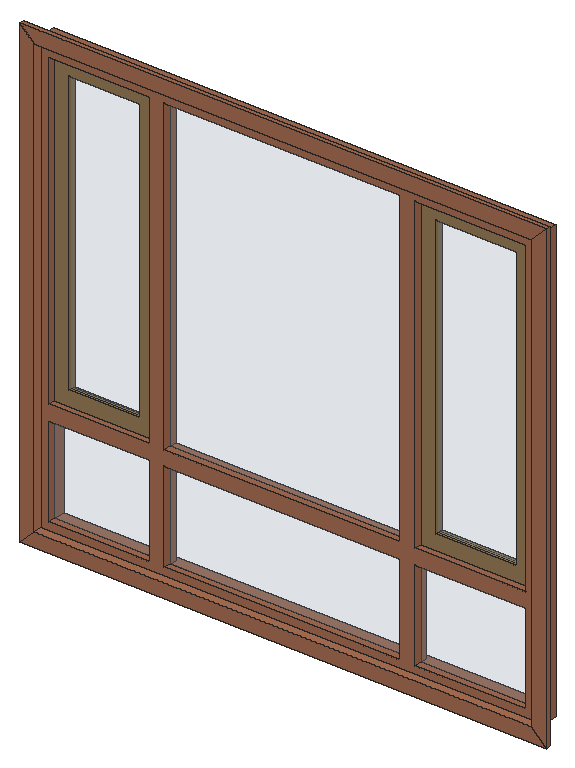
Revit family "GNW_A3-AU-Casement-01-In-trim-3-2", category Windows, host Wall, Revit 2016
Family settings
  Host = Wall
  Always vertical = Yes
  Cut with Voids When Loaded = No
  Shared = No
  Room Calculation Point = No
Parameters (values of type "2050x1800 Casement")
  Rebate depth = 10 mm
  Height = Depth  # 1800 mm
  Frame width = 90 mm
  Depth = 1800 mm
  Frame thickness = 40 mm
  Head height = 2100 mm
  Default Sill Height = Head height - Depth  # 300 mm
  Trim thickness = 20 mm
  Wall Closure = By host
  Width = 2050 mm
Types (9, lengths in mm): name | Height | Frame width | Depth | Default Sill Height | Width
  (no name) | 1800 | 90 | 1800 | 300 | 2050
  2770x1800 Casement | 1800 | 90 | 1800 | 300 | 2770
  2770x2100 Casement | 2100 | 90 | 2100 | 0 | 2770
  2410x1800 Casement | 1800 | 120 | 1800 | 300 | 2410
  2410x2100 Casement | 2100 | 90 | 2100 | 0 | 2410
  2050x1800 Casement | 1800 | 90 | 1800 | 300 | 2050
  2050x2100 Casement | 2100 | 90 | 2100 | 0 | 2050
  1810x1800 Casement | 1800 | 90 | 1800 | 300 | 1810
  1810x2100 Casement | 2100 | 90 | 2100 | 0 | 1810
Reference planes
  plane 1 "Centre": y = 0
  plane 2 "Center": x = -5.115
  plane 3 "Left": x = -1030.115
  plane 4 "Right": x = 1019.885
  plane 5 "Sill": z = 300
  plane 6 "Head": z = 2100
  plane 7 "Exterior": y = 100
  plane 8 "Interior": y = -100
  plane 9 "Sash interior": y = -70
  plane 10 "Sash exterior": y = -40
  plane 11 "Frame exterior": y = -10
  plane 12: x = -990.115
  plane 13: x = 979.885
  plane 14: z = 2060
  plane 15: x = 507.385
  plane 16: x = -517.615
  plane 17: z = 1200
  plane 18 "Trim interior": y = -120
  plane 19 "Frame centre": y = -55
  plane 20: x = -557.615
  plane 21: x = -537.615
  plane 22: x = 467.385
  plane 23: x = 487.385
  plane 24: x = -980.115
  plane 25: z = 750
  plane 26: z = 1650
  plane 27: z = 770
  plane 28: z = 730
  plane 29: z = 1425
Forms (mm)
  Sweep 1, solid, material "Frame/Mullion"
    path in 3D
      loop
        line (1019.885, -100, 2100) -> (1019.885, -100, 300) -> (-1030.115, -100, 300) -> (-1030.115, -100, 2100) -> (1019.885, -100, 2100)
    profile origin (-5.115, 0, 2100) x (0, -1, 0) y (0, 0, -1)
      loop
        line (100, 0) -> (100, 50) -> (70, 50) -> (70, 40) -> (10, 40) -> (10, 0) -> (100, 0)
  Sweep 2, solid, material "Frame/Mullion"
    path origin (0, -100, 0) x (1, 0, 0) y (0, 0, 1)
      loop
        line (-537.615, 2050) -> (-537.615, 350)
    profile origin (0, -100, 1200) x (0, -1, 0) y (1, 0, 0)
      loop
        line (-30, -567.615) -> (0, -567.615) -> (0, -507.615) -> (-30, -507.615) -> (-30, -567.615)
  Sweep 3, solid, material "Frame/Mullion"
    path origin (0, -100, 0) x (1, 0, 0) y (0, 0, 1)
      loop
        line (487.385, 2050) -> (487.385, 350)
    profile origin (0, -100, 1200) x (0, -1, 0) y (1, 0, 0)
      loop
        line (-30, 457.385) -> (0, 457.385) -> (0, 517.385) -> (-30, 517.385) -> (-30, 457.385)
  Sweep 4, solid, material "Frame/Mullion"
    path origin (0, -70, 0) x (1, 0, 0) y (0, 0, 1)
      loop
        line (487.385, 2060) -> (487.385, 340)
    profile origin (0, -70, 1200) x (0, -1, 0) y (1, 0, 0)
      loop
        line (-40, 467.385) -> (0, 467.385) -> (0, 507.385) -> (-40, 507.385) -> (-40, 467.385)
  Sweep 5, solid, material "Frame/Mullion"
    path origin (0, -70, 0) x (1, 0, 0) y (0, 0, 1)
      loop
        line (-537.615, 2060) -> (-537.615, 340)
    profile origin (0, -70, 1200) x (0, -1, 0) y (1, 0, 0)
      loop
        line (-40, -557.615) -> (0, -557.615) -> (0, -517.615) -> (-40, -517.615) -> (-40, -557.615)
  Sweep 6, solid, material "Trim"
    path in 3D
      loop
        line (1019.885, -100, 2100) -> (1019.885, -100, 300) -> (-1030.115, -100, 300) -> (-1030.115, -100, 2100) -> (1019.885, -100, 2100)
    profile origin (-5.115, 0, 2100) x (0, -1, 0) y (0, 0, -1)
      loop
        line (120, -50) -> (120, 8.453) -> (100, 20) -> (100, -50) -> (120, -50)
  Sweep 7, solid, material "Frame/Mullion"
    path origin (0, -100, 0) x (1, 0, 0) y (0, 0, 1)
      loop
        line (969.885, 750) -> (517.385, 750)
    profile origin (743.635, -100, 0) x (0, 0, -1) y (0, -1, 0)
      loop
        line (-780, 0) -> (-780, -30) -> (-720, -30) -> (-720, 0) -> (-780, 0)
  Sweep 8, solid, material "Frame/Mullion"
    path origin (0, -100, 0) x (1, 0, 0) y (0, 0, 1)
      loop
        line (979.885, 750) -> (507.385, 750)
    profile origin (743.635, -100, 0) x (0, 0, -1) y (0, -1, 0)
      loop
        line (-770, -30) -> (-770, -70) -> (-730, -70) -> (-730, -30) -> (-770, -30)
  Sweep 9, solid, material "Frame/Mullion"
    path origin (0, -100, 0) x (1, 0, 0) y (0, 0, 1)
      loop
        line (457.385, 750) -> (-507.615, 750)
    profile origin (-25.115, -100, 0) x (0, 0, -1) y (0, -1, 0)
      loop
        line (-780, 0) -> (-780, -30) -> (-720, -30) -> (-720, 0) -> (-780, 0)
  Sweep 10, solid, material "Frame/Mullion"
    path origin (0, -100, 0) x (1, 0, 0) y (0, 0, 1)
      loop
        line (467.385, 750) -> (-517.615, 750)
    profile origin (-25.115, -100, 0) x (0, 0, -1) y (0, -1, 0)
      loop
        line (-770, -30) -> (-770, -70) -> (-730, -70) -> (-730, -30) -> (-770, -30)
  Sweep 11, solid, material "Frame/Mullion"
    path origin (0, -100, 0) x (1, 0, 0) y (0, 0, 1)
      loop
        line (-567.615, 750) -> (-980.115, 750)
    profile origin (-773.865, -100, 0) x (0, 0, -1) y (0, -1, 0)
      loop
        line (-780, 0) -> (-780, -30) -> (-720, -30) -> (-720, 0) -> (-780, 0)
  Sweep 12, solid, material "Frame/Mullion"
    path origin (0, -70, 0) x (1, 0, 0) y (0, 0, 1)
      loop
        line (-557.615, 750) -> (-990.115, 750)
    profile origin (-773.865, -70, 0) x (0, 0, -1) y (0, -1, 0)
      loop
        line (-770, 0) -> (-770, -40) -> (-730, -40) -> (-730, 0) -> (-770, 0)
  Extrusion 13, solid, material "Sash"
    sketch origin (0, -70, 0) x (1, 0, 0) y (0, 0, 1)
      loop
        line (979.885, 2060) -> (507.385, 2060) -> (507.385, 770) -> (979.885, 770) -> (979.885, 2060)
      loop
        line (909.885, 1990) -> (577.385, 1990) -> (577.385, 840) -> (909.885, 840) -> (909.885, 1990)
    from 0 to -30
  Extrusion 14, solid, material "Sash"
    sketch origin (0, -70, 0) x (1, 0, 0) y (0, 0, 1)
      loop
        line (-557.615, 2060) -> (-990.115, 2060) -> (-990.115, 770) -> (-557.615, 770) -> (-557.615, 2060)
      loop
        line (-629.413, 1990) -> (-920.115, 1990) -> (-920.115, 840) -> (-629.413, 840) -> (-629.413, 1990)
    from 0 to -30
  Extrusion 15, solid, material "Glass"
    sketch origin (0, -70, 0) x (1, 0, 0) y (0, 0, 1)
      loop
        line (909.885, 1990) -> (577.385, 1990) -> (577.385, 840) -> (909.885, 840) -> (909.885, 1990)
    from -20 to -10
  Extrusion 16, solid, material "Glass"
    sketch origin (0, -70, 0) x (1, 0, 0) y (0, 0, 1)
      loop
        line (-629.413, 1990) -> (-920.115, 1990) -> (-920.115, 840) -> (-629.413, 840) -> (-629.413, 1990)
    from -20 to -10
  Extrusion 17, solid, material "Glass"
    sketch origin (0, -70, 0) x (1, 0, 0) y (0, 0, 1)
      loop
        line (467.385, 2060) -> (-517.615, 2060) -> (-517.615, 770) -> (467.385, 770) -> (467.385, 2060)
    from -10 to 0
  Extrusion 18, solid, material "Glass"
    sketch origin (0, -70, 0) x (1, 0, 0) y (0, 0, 1)
      loop
        line (979.885, 730) -> (507.385, 730) -> (507.385, 340) -> (979.885, 340) -> (979.885, 730)
    from -10 to 0
  Extrusion 19, solid, material "Glass"
    sketch origin (0, -70, 0) x (1, 0, 0) y (0, 0, 1)
      loop
        line (467.385, 730) -> (-517.615, 730) -> (-517.615, 340) -> (467.385, 340) -> (467.385, 730)
    from -10 to 0
  Extrusion 20, solid, material "Glass"
    sketch origin (0, -70, 0) x (1, 0, 0) y (0, 0, 1)
      loop
        line (-557.615, 730) -> (-990.115, 730) -> (-990.115, 340) -> (-557.615, 340) -> (-557.615, 730)
    from -10 to 0
Cuts and joins
  joined: Sweep 1, Sweep 2, Sweep 3, Sweep 4, Sweep 5, Sweep 7, Sweep 8, Sweep 9, Sweep 10, Sweep 11, Sweep 12
Lines and regions (mm)
  Opening 1
    outline origin (3500, -100, 0) x (1, 0, 0) y (0, 0, 1)
      loop
        line (-2480.115, 300) -> (-2480.115, 2100) -> (-4530.115, 2100) -> (-4530.115, 300) -> (-2480.115, 300)
  sketch lines
    curve 1: line (-1030.115, -100, 2100) -> (1019.885, -100, 2100)
    curve 2: line (-1030.115, -100, 300) -> (-1030.115, -100, 2100)
    curve 3: line (1019.885, -100, 2100) -> (1019.885, -100, 300)
    curve 4: line (1019.885, -100, 300) -> (-1030.115, -100, 300)
    curve 5: line (-1030.115, -100, 2100) -> (1019.885, -100, 2100)
    curve 6: line (-1030.115, -100, 300) -> (-1030.115, -100, 2100)
    curve 7: line (1019.885, -100, 2100) -> (1019.885, -100, 300)
    curve 8: line (1019.885, -100, 300) -> (-1030.115, -100, 300)
  symbolic lines, style "WindowsFrameMullionProjection"
    curve 9: line (-1030.115, -10, 0) -> (1019.885, -10, 0)
    curve 10: line (-1030.115, -100, 0) -> (1019.885, -100, 0)
    curve 11: line (-990.115, -10, 0) -> (-990.115, -70, 0)
    curve 12: line (-990.115, -70, 0) -> (-980.115, -70, 0)
    curve 13: line (-980.115, -70, 0) -> (-980.115, -100, 0)
    curve 26: line (979.885, -10, 0) -> (979.885, -70, 0)
    curve 27: line (979.885, -70, 0) -> (969.885, -70, 0)
    curve 28: line (969.885, -70, 0) -> (969.885, -100, 0)
    curve 29: line (457.385, -100, 0) -> (457.385, -70, 0)
    curve 30: line (457.385, -70, 0) -> (467.385, -70, 0)
    curve 31: line (467.385, -70, 0) -> (467.385, -30, 0)
    curve 32: line (467.385, -30, 0) -> (507.385, -30, 0)
    curve 33: line (507.385, -30, 0) -> (507.385, -70, 0)
    curve 34: line (507.385, -70, 0) -> (517.385, -70, 0)
    curve 35: line (517.385, -70, 0) -> (517.385, -100, 0)
    curve 37: line (-567.615, -100, 0) -> (-567.615, -70, 0)
    curve 38: line (-557.615, -70, 0) -> (-557.615, -30, 0)
    curve 39: line (-557.615, -30, 0) -> (-517.615, -30, 0)
    curve 40: line (-517.615, -30, 0) -> (-517.615, -71, 0)
    curve 41: line (-517.615, -71, 0) -> (-507.615, -71, 0)
    curve 42: line (-507.615, -71, 0) -> (-507.615, -100, 0)
    curve 43: line (-567.615, -70, 0) -> (-557.615, -70, 0)
    curve 46: line (-1030.115, -10, 0) -> (-1030.115, -100, 0)
    curve 47: line (1019.885, -10, 0) -> (1019.885, -100, 0)
  symbolic lines, style "Sash"
    curve 14: line (-990.115, -40, 0) -> (-920.115, -40, 0)
    curve 15: line (-920.115, -40, 0) -> (-920.115, -70, 0)
    curve 16: line (-920.115, -70, 0) -> (-980.115, -70, 0)
    curve 17: line (-567.615, -70, 0) -> (-627.615, -70, 0)
    curve 18: line (-627.615, -70, 0) -> (-627.615, -40, 0)
    curve 19: line (-627.615, -40, 0) -> (-557.615, -40, 0)
    curve 20: line (507.385, -40, 0) -> (577.385, -40, 0)
    curve 21: line (577.385, -40, 0) -> (577.385, -70, 0)
    curve 22: line (577.385, -70, 0) -> (517.385, -70, 0)
    curve 23: line (979.885, -40, 0) -> (909.885, -40, 0)
    curve 24: line (909.885, -40, 0) -> (909.885, -70, 0)
    curve 25: line (909.885, -70, 0) -> (969.885, -70, 0)
  symbolic lines, style "WindowsGlassProjection"
    curve 36: line (577.385, -55, 0) -> (909.885, -55, 0)
    curve 44: line (-920.115, -55, 0) -> (-627.615, -55, 0)
    curve 45: line (-517.615, -65.5, 0) -> (467.385, -65.5, 0)
  symbolic lines, style "Elevation Swing"
    curve 48: line (-990.115, -40, 0) -> (-615.559, 176.25, 0)
    curve 49: arc (-557.615, -40, 0) -> (-572.352, 71.939, 0) -> (-615.559, 176.25, 0) r 432.5
    curve 50: line (979.885, -40, 0) -> (570.688, 196.25, 0)
    curve 51: arc (507.385, -40, 0) -> (523.485, 82.292, 0) -> (570.688, 196.25, 0) r 472.5
    curve 52: line (979.885, 0, 2060) -> (507.385, 0, 1425)
    curve 53: line (507.385, 0, 1425) -> (979.885, 0, 770)
    curve 54: line (-557.615, 0, 1425) -> (-990.115, 0, 2060)
    curve 55: line (-990.115, 0, 770) -> (-557.615, 0, 1425)
  symbolic lines, style "WindowsSillHeadProjection"
    curve 56: line (-1030.115, 100, 0) -> (1019.885, 100, 0)
Text (mm)
  text "EXTERIOR" at (-1299.914, 574.308, 0), in view "Ref. Level"
  text "INTERIOR" at (-1299.914, -389.493, 0), in view "Ref. Level"
  text "Exterior" at (0, 923.751, 2943.296), in view "Right"
  text "Exterior" at (0, 1040.484, 2685.409), in view "Left"
Dimensions and locks
  equal spacing: plane 3 "Left", plane 16, plane 2 "Center", plane 15, plane 4 "Right"
  "Width": plane 3 "Left" to plane 4 "Right"
  "Depth": plane 5 "Sill" to plane 6 "Head"
  plane 5 "Sill" to level = 300 mm
  locked: host wall to plane 7 "Exterior" at 0
  locked: host wall to plane 8 "Interior"
  "Frame thickness": plane 3 "Left" to plane 12
  "Frame thickness": plane 13 to plane 4 "Right"
  "Frame thickness": plane 6 "Head" to plane 14
  "Head height": host wall to plane 6 "Head"
  equal spacing: plane 5 "Sill", plane 25, plane 17, plane 26, plane 6 "Head"
  "Trim thickness": plane 18 "Trim interior" to plane 8 "Interior"
  "Frame width": plane 8 "Interior" to plane 11 "Frame exterior"
  equal spacing: plane 8 "Interior", plane 19 "Frame centre", plane 11 "Frame exterior"
  plane 9 "Sash interior" to plane 19 "Frame centre" to plane 10 "Sash exterior" = 15 mm locked, 15 mm locked
  equal spacing: plane 20, plane 21, plane 16
  equal spacing: plane 22, plane 23, plane 15
  "Frame thickness": plane 20 to plane 16
  "Frame thickness": plane 22 to plane 15
  "Rebate depth": plane 12 to plane 24
  "Rebate depth": Sweep 1 sketch curve to plane 14
  "Rebate depth": Sweep 3 sketch curve to plane 22
  "Rebate depth": plane 15 to Sweep 3 sketch curve
  "Rebate depth": Sweep 2 sketch curve to plane 20
  "Rebate depth": plane 16 to Sweep 2 sketch curve
  equal spacing: plane 14, Sweep 6 sketch curve, plane 6 "Head"
  locked: Sweep 6 sketch curve to Sweep 6 sketch curve at 70
  "Rebate depth": plane 10 "Sash exterior" to Sweep 4 sketch curve
  "Rebate depth": plane 10 "Sash exterior" to Sweep 5 sketch curve
  equal spacing: plane 28, plane 25, plane 27
  "Frame thickness": plane 28 to plane 27
  "Rebate depth": plane 27 to Sweep 7 sketch curve
  "Rebate depth": plane 28 to Sweep 7 sketch curve
  locked: Extrusion 13 sketch curve to plane 13 at 70
  locked: Extrusion 13 sketch curve to plane 15 at 70
  locked: Extrusion 13 sketch curve to plane 14 at 70
  locked: plane 27 to Extrusion 13 sketch curve at 70
  "Rebate depth": plane 10 "Sash exterior" to Sweep 8 sketch curve
  "Rebate depth": plane 10 "Sash exterior" to Sweep 10 sketch curve
  "Rebate depth": plane 10 "Sash exterior" to Sweep 12 sketch curve
  locked: Extrusion 14 sketch curve to plane 20 at 71.798
  locked: plane 12 to Extrusion 14 sketch curve at 70
  locked: Extrusion 14 sketch curve to plane 14 at 70
  locked: plane 27 to Extrusion 14 sketch curve at 70
  equal spacing: plane 17, plane 29, plane 26
  locked: Extrusion 14 to curve 48 (angle 30.00°)
  locked: curve 50 to Extrusion 13 (angle 30.00°)
  aligned and locked: plane 6 "Head" to Sweep 1 sketch curve
  aligned and locked: Sweep 1 sketch curve to host wall
  aligned and locked: plane 9 "Sash interior" to Sweep 1 sketch curve
  aligned and locked: Sweep 2 sketch curve to Sweep 1
  aligned and locked: plane 21 to Sweep 2 sketch curve
  aligned and locked: Sweep 2 sketch curve to plane 9 "Sash interior"
  aligned and locked: plane 8 "Interior" to Sweep 2 sketch curve
  aligned and locked: Sweep 3 sketch curve to Sweep 1
  aligned and locked: plane 23 to Sweep 3 sketch curve
  aligned and locked: Sweep 3 sketch curve to plane 9 "Sash interior"
  aligned and locked: plane 8 "Interior" to Sweep 3 sketch curve
  aligned and locked: plane 14 to Sweep 4 sketch curve
  aligned and locked: plane 23 to Sweep 4 sketch curve
  aligned and locked: Sweep 3 to Sweep 4 sketch curve
  aligned and locked: Sweep 4 sketch curve to plane 15
  aligned and locked: plane 20 to Sweep 5 sketch curve
  aligned and locked: plane 9 "Sash interior" to Sweep 5 sketch curve
  aligned and locked: Sweep 5 sketch curve to plane 16
  aligned and locked: plane 21 to Sweep 5 sketch curve
  aligned and locked: host wall to Sweep 6 sketch curve
  aligned and locked: Sweep 6 sketch curve to plane 18 "Trim interior"
  aligned and locked: plane 11 "Frame exterior" to Sweep 1 sketch curve
  aligned and locked: host wall to curve 10
  aligned and locked: curve 46 to cut or joined group of Sweep 1, Sweep 2, Sweep 3, Sweep 4, Sweep 5, Sweep 7, Sweep 8, Sweep 9, Sweep 10, Sweep 11, Sweep 12
  aligned and locked: curve 47 to cut or joined group of Sweep 1, Sweep 2, Sweep 3, Sweep 4, Sweep 5, Sweep 7, Sweep 8, Sweep 9, Sweep 10, Sweep 11, Sweep 12
  aligned and locked: Sweep 7 sketch curve to cut or joined group of Sweep 1, Sweep 2, Sweep 3, Sweep 4, Sweep 5, Sweep 7, Sweep 8, Sweep 9, Sweep 10, Sweep 11, Sweep 12
  aligned and locked: Sweep 7 sketch curve to plane 25
  aligned and locked: host wall to Sweep 7 sketch curve
  aligned and locked: Sweep 7 sketch curve to plane 9 "Sash interior"
  aligned and locked: plane 13 to Sweep 8 sketch curve
  aligned and locked: Sweep 8 sketch curve to plane 25
  aligned and locked: plane 9 "Sash interior" to Sweep 8 sketch curve
  aligned and locked: Sweep 8 sketch curve to plane 27
  aligned and locked: plane 28 to Sweep 8 sketch curve
  aligned and locked: Sweep 9 sketch curve to cut or joined group of Sweep 1, Sweep 2, Sweep 3, Sweep 4, Sweep 5, Sweep 7, Sweep 8, Sweep 9, Sweep 10, Sweep 11, Sweep 12  (x3)
  aligned and locked: Sweep 9 sketch curve to plane 25
  aligned and locked: host wall to Sweep 9 sketch curve
  aligned and locked: Sweep 9 sketch curve to plane 9 "Sash interior"
  aligned and locked: plane 22 to Sweep 10 sketch curve
  aligned and locked: Sweep 10 sketch curve to plane 25
  aligned and locked: plane 9 "Sash interior" to Sweep 10 sketch curve
  aligned and locked: Sweep 10 sketch curve to plane 27
  aligned and locked: plane 28 to Sweep 10 sketch curve
  aligned and locked: Sweep 11 sketch curve to cut or joined group of Sweep 1, Sweep 2, Sweep 3, Sweep 4, Sweep 5, Sweep 7, Sweep 8, Sweep 9, Sweep 10, Sweep 11, Sweep 12  (x3)
  aligned and locked: Sweep 11 sketch curve to plane 25
  aligned and locked: host wall to Sweep 11 sketch curve
  aligned and locked: Sweep 11 sketch curve to plane 9 "Sash interior"
  aligned and locked: plane 20 to Sweep 12 sketch curve
  aligned and locked: Sweep 12 sketch curve to plane 25
  aligned and locked: plane 9 "Sash interior" to Sweep 12 sketch curve
  aligned and locked: Sweep 12 sketch curve to plane 27
  aligned and locked: plane 28 to Sweep 12 sketch curve
  aligned and locked: cut or joined group of Sweep 1, Sweep 2, Sweep 3, Sweep 4, Sweep 5, Sweep 7, Sweep 8, Sweep 9, Sweep 10, Sweep 11, Sweep 12 to Extrusion 13 sketch curve  (x2)
  aligned and locked: Extrusion 13 sketch curve to cut or joined group of Sweep 1, Sweep 2, Sweep 3, Sweep 4, Sweep 5, Sweep 7, Sweep 8, Sweep 9, Sweep 10, Sweep 11, Sweep 12  (x2)
  aligned and locked: Extrusion 14 sketch curve to cut or joined group of Sweep 1, Sweep 2, Sweep 3, Sweep 4, Sweep 5, Sweep 7, Sweep 8, Sweep 9, Sweep 10, Sweep 11, Sweep 12  (x3)
  aligned and locked: cut or joined group of Sweep 1, Sweep 2, Sweep 3, Sweep 4, Sweep 5, Sweep 7, Sweep 8, Sweep 9, Sweep 10, Sweep 11, Sweep 12 to Extrusion 14 sketch curve
  aligned and locked: Extrusion 13 to Extrusion 15 sketch curve
  aligned and locked: Extrusion 15 sketch curve to Extrusion 13  (x3)
  aligned and locked: Extrusion 14 to Extrusion 16 sketch curve
  aligned and locked: Extrusion 16 sketch curve to Extrusion 14  (x3)
  aligned and locked: Extrusion 17 sketch curve to cut or joined group of Sweep 1, Sweep 2, Sweep 3, Sweep 4, Sweep 5, Sweep 7, Sweep 8, Sweep 9, Sweep 10, Sweep 11, Sweep 12  (x3)
  aligned and locked: cut or joined group of Sweep 1, Sweep 2, Sweep 3, Sweep 4, Sweep 5, Sweep 7, Sweep 8, Sweep 9, Sweep 10, Sweep 11, Sweep 12 to Extrusion 17 sketch curve
  aligned and locked: Extrusion 18 sketch curve to cut or joined group of Sweep 1, Sweep 2, Sweep 3, Sweep 4, Sweep 5, Sweep 7, Sweep 8, Sweep 9, Sweep 10, Sweep 11, Sweep 12  (x3)
  aligned and locked: cut or joined group of Sweep 1, Sweep 2, Sweep 3, Sweep 4, Sweep 5, Sweep 7, Sweep 8, Sweep 9, Sweep 10, Sweep 11, Sweep 12 to Extrusion 18 sketch curve
  aligned and locked: cut or joined group of Sweep 1, Sweep 2, Sweep 3, Sweep 4, Sweep 5, Sweep 7, Sweep 8, Sweep 9, Sweep 10, Sweep 11, Sweep 12 to Extrusion 19 sketch curve  (x2)
  aligned and locked: Extrusion 19 sketch curve to cut or joined group of Sweep 1, Sweep 2, Sweep 3, Sweep 4, Sweep 5, Sweep 7, Sweep 8, Sweep 9, Sweep 10, Sweep 11, Sweep 12  (x2)
  aligned and locked: cut or joined group of Sweep 1, Sweep 2, Sweep 3, Sweep 4, Sweep 5, Sweep 7, Sweep 8, Sweep 9, Sweep 10, Sweep 11, Sweep 12 to Extrusion 20 sketch curve
  aligned and locked: Extrusion 20 sketch curve to cut or joined group of Sweep 1, Sweep 2, Sweep 3, Sweep 4, Sweep 5, Sweep 7, Sweep 8, Sweep 9, Sweep 10, Sweep 11, Sweep 12  (x3)
  aligned and locked: plane 13 to curve 52
  aligned and locked: plane 29 to curve 52
  aligned and locked: plane 27 to curve 53
  aligned and locked: plane 29 to curve 54
  aligned and locked: plane 12 to curve 54
  aligned and locked: plane 27 to curve 55
Automatic sketch dimensions
  Opening 1 sketch curve to plane 3 "Left" = 0 mm
  Opening 1 sketch curve to plane 4 "Right" = 0 mm
  Opening 1 sketch curve to plane 5 "Sill" = 0 mm
  Opening 1 sketch curve to plane 6 "Head" = 0 mm
  Sweep 2 sketch curve to plane 5 "Sill" = 50 mm
  Sweep 3 sketch curve to plane 5 "Sill" = 50 mm
  Sweep 4 sketch curve to plane 5 "Sill" = 40 mm
  Sweep 5 sketch curve to plane 14 = 0 mm
  Sweep 5 sketch curve to plane 5 "Sill" = 40 mm
  Sweep 6 sketch curve to Sweep 6 sketch curve = 11.547 mm
  profile plane to Sweep 4 sketch curve = 20 mm
  Sweep 1 sketch curve to Sweep 1 sketch curve = 10 mm
  plane 15 to Sweep 7 sketch curve = 10 mm
  Sweep 8 sketch curve to plane 15 = 0 mm
  Sweep 9 sketch curve to plane 16 = 10 mm
  Sweep 10 sketch curve to plane 16 = 0 mm
  Sweep 11 sketch curve to plane 24 = 0 mm
  Sweep 12 sketch curve to plane 12 = 0 mm
  curve 54 to plane 14 = 0 mm
  curve 52 to plane 14 = 0 mm
  curve 55 to plane 12 = 0 mm
  curve 54 to plane 20 = 0 mm
  curve 53 to plane 15 = 0 mm
  curve 53 to plane 13 = 0 mm
  curve 56 to host wall = 0 mm
  curve 56 to plane 3 "Left" = 0 mm
  curve 12 to plane 9 "Sash interior" = 0 mm
  curve 12 to plane 12 = 0 mm
  curve 49 to plane 10 "Sash exterior" = 0 mm
  curve 49 to plane 12 = 0 mm
  curve 16 to plane 24 = 0 mm
  curve 15 to plane 10 "Sash exterior" = 0 mm
  curve 44 to plane 19 "Frame centre" = 0 mm
  curve 18 to plane 9 "Sash interior" = 0 mm
  curve 49 to plane 20 = 0 mm
  curve 40 to plane 16 = 0 mm
  curve 29 to plane 9 "Sash interior" = 0 mm
  curve 30 to plane 22 = 0 mm
  curve 33 to plane 9 "Sash interior" = 0 mm
  curve 33 to plane 15 = 0 mm
  curve 21 to plane 10 "Sash exterior" = 0 mm
  curve 36 to plane 19 "Frame centre" = 0 mm
  curve 24 to plane 10 "Sash exterior" = 0 mm
  curve 25 to plane 9 "Sash interior" = 0 mm
  curve 26 to plane 13 = 0 mm
  curve 51 to plane 13 = 0 mm
  curve 56 to plane 4 "Right" = 0 mm
  curve 26 to plane 11 "Frame exterior" = 0 mm
  curve 15 to plane 24 = 60 mm
  plane 20 to curve 19 = 70 mm
  plane 20 to curve 37 = 10 mm
  curve 42 to plane 16 = 10 mm
  plane 22 to curve 29 = 10 mm
  plane 15 to curve 35 = 10 mm
  curve 22 to curve 21 = 60 mm
  plane 13 to curve 36 = 70 mm
  plane 13 to curve 28 = 10 mm
  plane 9 "Sash interior" to curve 41 = 1 mm
  curve 30 to curve 45 = 4.5 mm
  curve 20 to curve 33 = 10 mm
  curve 38 to plane 10 "Sash exterior" = 10 mm
